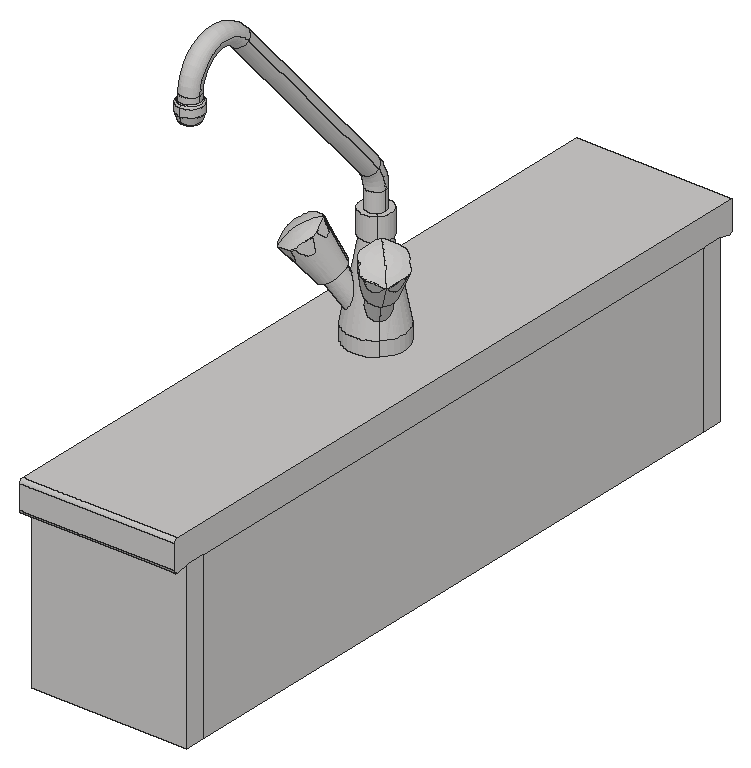
Revit family "QF_ELECTROLUXPROFESSIONAL_589148_MCEBBABOOO", category Attrezzature speciali, Revit 2020
Family settings
  Quota connettore circolare = Usa diametro
  Tipo di parte = Normale
  Basato su piano di lavoro = No
  Sempre verticale = Sì
  Taglio con vuoti quando caricato = No
  Condiviso = No
  Punto di calcolo locali = No
Parameters (values of type "Standard")
  Weight = 16.50 kg
  Watts = 0 W
  Volts = 0 V
  URL Manufacturer = "https://www.electroluxprofessional.com/"
  URL = "https://www.electroluxprofessional.com/"
  Steam Supply Size = 0"
  Steam Supply Minimum Pressure = 0.00 psi
  Steam Supply Maximum Pressure = 0.00 psi
  Steam Consumption per Hour = 0
  Refrigeration Suction Line Size = 0 mm
  Refrigeration Liquid Line Size = 0 mm
  Refrigerant Compressor Remote = yes
  Prospetto di default = 0 mm
  Phase = 0
  Modello = "MCEBBABOOO"
  Produttore = "Electrolux Professional"
  Length Actual = 200 mm  # constant formula
  Item Number = "589148"
  Hot Water Size = 0"
  Height Actual = 250 mm  # constant formula
  HP = "0 HP"
  Gas Size = 0"
  Gas KW = 0
  Gas Input Pressure = 0.0 Btu/h
  Direct Waste Size = 0"
  Descrizione = "WATER MIXING TAP,KNOBS,1S,200X900X250"
  Depth Actual = 900 mm  # constant formula
  Cycle = 0 Hz
  Condensate Return Size = 0"
  Compressed Air Volume = 0 GPM
  Compressed Air Size = 0"
  Compressed Air Pressure = 0.00 psi
  Cold Water Size = 0"
  Accessory = yes
Reference planes
  plane 1 "BACK": y = 50
  plane 2: z = 0
  plane 3 "LEFT": x = 0
  plane 4 "RIGHT": x = 200
  plane 5 "FRONT": y = -850
  plane 6 "TOP": z = 900
  plane 7 "Center (Left/Right)": x = 100
  plane 8: y = -400
  plane 9 "Base": z = 650
  plane 10 "Panel": y = -805
  plane 11: z = 1375
  plane 12: x = 78
  plane 13 "HWCWx": x = 145
  plane 14 "HWCWy": y = -473
  plane 15: z = 1285
  plane 16: y = -466.65
  plane 17: y = -479.35
Forms (mm)
  Extrusion 1, solid, material "QF_Finishes_Stainless Steel"
    sketch origin (-178.969, -4572, 650) x (-1, 0, 0) y (0, -1, 0)
      loop
        line (-178.969, -4577) -> (-178.969, -3767) -> (-378.969, -3767) -> (-378.969, -4577) -> (-178.969, -4577)
    from 0 to 212.969
  Extrusion 2, solid, material "QF_Finishes_Stainless Steel"
    sketch origin (100, 296.4, 1219.2) x (0, 1, 0) y (0, 0, 1)
      loop
        line (-246.4, -319.2) -> (-1141.4, -319.2)
        arc (-1141.4, -319.2) -> (-1144.935, -320.664) -> (-1146.4, -324.2) r 5
        line (-1146.4, -324.2) -> (-1146.4, -355.2)
        arc (-1146.4, -355.2) -> (-1144.971, -358.264) -> (-1141.705, -359.139) r 4
        line (-1141.705, -359.139) -> (-1126.4, -356.231) -> (-266.4, -356.231) -> (-251.094, -359.139)
        arc (-251.094, -359.139) -> (-247.829, -358.264) -> (-246.4, -355.2) r 4
        line (-246.4, -355.2) -> (-246.4, -319.2)
    from -100 to 100
  Extrusion 3, solid, material "QF_Finishes_Stainless Steel"
    sketch origin (-178.969, -4572, 650) x (-1, 0, 0) y (0, -1, 0)
      loop
        line (-178.969, -4577) -> (-178.969, -3767) -> (-378.969, -3767) -> (-378.969, -4577) -> (-178.969, -4577)
    from 212.969 to 0
  Extrusion 4, solid, material "QF_Finishes_Stainless Steel"
    sketch origin (100, 296.4, 1219.2) x (0, 1, 0) y (0, 0, 1)
      loop
        line (-1101.4, -569.2) -> (-1101.4, -356.231) -> (-1126.4, -356.231) -> (-1126.4, -569.2) -> (-1101.4, -569.2)
    from -100 to 100
  Extrusion 5, solid, material "QF_Finishes_Stainless Steel"
    sketch origin (-178.969, -4622, 650) x (-1, 0, 0) y (0, -1, 0)
      loop
        circle (-323.969, -4155.35) r 6.35
    from 0 to -12
  Extrusion 6, solid, material "QF_Finishes_Stainless Steel"
    sketch origin (-176.398, -4624.007, 650) x (-1, 0, 0) y (0, -1, 0)
      loop
        circle (-321.398, -4144.657) r 6.35
    from 0 to -12
  Extrusion 7, solid, material "QF_Finishes_Stainless Steel"
    sketch origin (0, 0, 0) x (0, 1, 0) y (0, 0, 1)
      loop
        line (30, 650) -> (30, 862.969) -> (5, 862.969) -> (5, 650) -> (30, 650)
    from 0 to 200
Lines and regions (mm)
  symbolic lines
    curve 1: line (0, 50, 650) -> (200, 50, 650)
    curve 2: line (0, -850, 650) -> (0, 50, 650)
    curve 3: line (200, -850, 650) -> (0, -850, 650)
    curve 4: line (200, 50, 650) -> (200, -850, 650)
Dimensions and locks
  plane 3 "LEFT" to plane 4 "RIGHT" = 200 mm
  plane 5 "FRONT" to plane 1 "BACK" = 900 mm
  equal spacing: plane 3 "LEFT", plane 7 "Center (Left/Right)", plane 4 "RIGHT"
  equal spacing: plane 5 "FRONT", plane 8, plane 1 "BACK"
  plane 6 "TOP" to level = 900 mm  (x2)
  plane 9 "Base" to level = 650 mm
  plane 6 "TOP" to plane 9 "Base" to level = 250 mm, 650 mm
  plane 1 "BACK" to plane 5 "FRONT" = 900 mm
  plane 11 to plane 6 "TOP" = 475 mm
  plane 12 to plane 3 "LEFT" = 78 mm
  plane 13 "HWCWx" to plane 4 "RIGHT" = 55 mm
  plane 14 "HWCWy" to plane 1 "BACK" = 523 mm
  plane 15 to plane 6 "TOP" = 385 mm
  plane 16 to plane 14 "HWCWy" = 6.35 mm
  plane 14 "HWCWy" to plane 17 = 6.35 mm
  locked: plane 10 "Panel" to plane 5 "FRONT" at 45
  aligned and locked: level to plane 2
  aligned and locked: nested 1 to plane 8
Automatic sketch dimensions
  Extrusion 1 sketch curve to plane 4 "RIGHT" = 0 mm
  Extrusion 1 sketch curve to plane 3 "LEFT" = 0 mm
  Extrusion 1 sketch curve to plane 10 "Panel" = 0 mm
  plane 1 "BACK" to Extrusion 1 sketch curve = 45 mm
  plane 1 "BACK" to curve 1 = 0 mm
  curve 1 to plane 4 "RIGHT" = 0 mm
  curve 3 to plane 3 "LEFT" = 0 mm
  plane 5 "FRONT" to curve 3 = 0 mm
  Extrusion 2 sketch curve to plane 5 "FRONT" = 0 mm
  Extrusion 2 sketch curve to plane 6 "TOP" = 0 mm
  Extrusion 2 sketch curve to plane 1 "BACK" = 0 mm
  Extrusion 2 sketch curve to Extrusion 2 sketch curve = 4 mm
  Extrusion 2 sketch curve to Extrusion 2 sketch curve = 0.695 mm
  Extrusion 2 sketch curve to plane 5 "FRONT" = 5 mm
  Extrusion 2 sketch curve to Extrusion 2 sketch curve = 15.305 mm
  plane 1 "BACK" to Extrusion 2 sketch curve = 20 mm
  plane 1 "BACK" to Extrusion 2 sketch curve = 4.695 mm
  plane 1 "BACK" to Extrusion 2 sketch curve = 4 mm
  Extrusion 2 sketch curve to Extrusion 2 sketch curve = 31 mm
  Extrusion 2 sketch curve to Extrusion 2 sketch curve = 36 mm
  Extrusion 2 sketch curve to Extrusion 2 sketch curve = 2.909 mm
  Extrusion 3 sketch curve to plane 4 "RIGHT" = 0 mm
  Extrusion 3 sketch curve to plane 3 "LEFT" = 0 mm
  Extrusion 3 sketch curve to plane 10 "Panel" = 0 mm
  plane 1 "BACK" to Extrusion 3 sketch curve = 45 mm
  Extrusion 5 sketch curve to plane 13 "HWCWx" = 0 mm
  Extrusion 5 sketch curve to plane 16 = 0 mm
  Extrusion 6 sketch curve to plane 13 "HWCWx" = 0 mm
  Extrusion 6 sketch curve to plane 17 = 0 mm
  Extrusion 7 sketch curve to plane 9 "Base" = 0 mm
  plane 10 "Panel" to Extrusion 7 sketch curve = 835 mm
  Extrusion 7 sketch curve to plane 5 "FRONT" = 855 mm
  Extrusion 7 sketch curve to plane 6 "TOP" = 37.031 mm
  Extrusion 4 sketch curve to plane 9 "Base" = 0 mm
  Extrusion 4 sketch curve to plane 10 "Panel" = 0 mm
  Extrusion 4 sketch curve to plane 5 "FRONT" = 20 mm
  Extrusion 4 sketch curve to plane 6 "TOP" = 37.031 mm
  radius of Extrusion 5 sketch curve = 6.35 mm
  radius of Extrusion 6 sketch curve = 6.35 mm
Nested families
  nested 1: "Rub2manop" at (100, -400, 900), type "Rub2manop"
Connectors
  piping at (145, -466.65, 638), diameter 12.7
    settings: on Extrusion 5, index 1, connector inside diameter 24", connector length 0 mm, flow factor 0, pipe flow 0 GPM, pressure drop 0.00 psi, fitting loss kfactor 0, connector angle 0.00°, fixture units 0, engagement length 0 mm, angle of deflection 0.00°, flow configuration 1, flow direction 1, fitting loss method 0, system type 19, joint type 0, gender type 0, connector reference index -1, connector utility 0, adjustable connector no, is connector primary yes, connector description "Cold Water Inlet"
  piping at (145, -479.35, 638), diameter 12.7
    settings: on Extrusion 6, index 2, connector inside diameter 24", connector length 0 mm, flow factor 0, pipe flow 0 GPM, pressure drop 0.00 psi, fitting loss kfactor 0, connector angle 0.00°, fixture units 0, engagement length 0 mm, angle of deflection 0.00°, flow configuration 1, flow direction 1, fitting loss method 0, system type 20, joint type 0, gender type 0, connector reference index -1, connector utility 0, adjustable connector no, is connector primary no, connector description "Cold Water Inlet"
Definition of nested family "Rub2manop"
  Parameters
    Default Elevation = 0 mm
  Reference planes
    plane 1 "Center (Front/Back)": y = 0
    plane 2: z = 0
    plane 3 "Center (Left/Right)": x = 0
    plane 4: through (0, -1.816, 19.983) normal (0, 0.829, 0.5592)
    plane 5: through (0, 1.816, 19.983) normal (0, 0.829, -0.5592)
    plane 6: z = 475
    plane 7: z = 385
    plane 8: y = -300
  Forms (mm)
    Revolve 1, solid
      sketch origin (0, 0, 0) x (0.707107, -0.707107, 0) y (0, 0, 1)
        loop
          line (-37.178, 0) -> (0, 0) -> (0, 152.75) -> (-20, 152.75) -> (-20, 122.711) -> (-16.973, 122.711) -> (-37.178, 18.761) -> (-37.178, 0)
        axis (0, 152.75) -> (0, 0)
      angle from 0 to 360
    Sweep 2, solid
      path origin (0, 0, 70) x (0, 1, 0) y (0, 0, 1)
        loop
          line (0, 82.75) -> (0, 107.023)
          arc (0, 107.023) -> (-2.868, 122.832) -> (-11.107, 136.626) r 45
          line (-11.107, 136.626) -> (-221.159, 377.123)
          arc (-221.159, 377.123) -> (-270.846, 389.579) -> (-300, 347.461) r 45
          line (-300, 347.461) -> (-300, 340)
      profile origin (0, 0, 164.887) x (0, -1, 0) y (1, 0, 0)
        loop
          circle (0, 0) r 12.5
    Revolve 3, solid
      sketch origin (0, 49.999, 152.116) x (0, 1, 0) y (0, 0, 1)
        loop
          line (-333.717, 244.264) -> (-333.717, 254.236)
          arc (-333.717, 254.236) -> (-334.434, 255.758) -> (-335.779, 256.77) r 3.5
          line (-335.779, 256.77) -> (-336.499, 257.884) -> (-349.999, 257.884) -> (-349.999, 233.05) -> (-339.2, 233.05)
          arc (-339.2, 233.05) -> (-338.052, 233.411) -> (-337.32, 234.365) r 2
          line (-337.32, 234.365) -> (-333.717, 244.264)
        axis (-349.999, 257.884) -> (-349.999, 233.05)
      angle from 0 to 360
    Revolve 4, solid
      sketch origin (6.565, -6.565, 13.502) x (-0.703233, 0.703233, -0.104528) y (0.073913, -0.073913, -0.994522)
        loop
          line (-12.287, -29.236) -> (-83.426, -114.015)
          arc (-83.426, -114.015) -> (-71.241, -121.894) -> (-57.494, -126.538) r 58.601
          line (-57.494, -126.538) -> (-27.071, -77.85) -> (-30.606, -74.315) -> (-1.681, -39.843) -> (-12.287, -29.236)
        axis (-12.287, -29.236) -> (-83.426, -114.015)
      angle from 0 to 360
    Extrusion 5, void
      sketch origin (-64.308, 64.308, 82.551) x (-0.707107, -0.707107, 0) y (0.586218, -0.586218, -0.559193)
        loop
          line (0, 82.664) -> (25.311, 97.277) -> (25.311, 126.504) -> (0, 141.117) -> (-25.311, 126.504) -> (-25.311, 97.277) -> (0, 82.664)
        loop
          line (-35, 73.481) -> (35, 73.481) -> (35, 150.258) -> (-35, 150.258) -> (-35, 73.481)
      from 99.488 to 151.47
    Revolve 6, solid
      sketch origin (-6.565, -6.565, 13.502) x (0.703233, 0.703233, -0.104528) y (0.073913, 0.073913, 0.994522)
        loop
          line (-12.287, 29.236) -> (-1.681, 39.843) -> (-30.606, 74.315) -> (-27.071, 77.85) -> (-57.494, 126.538)
          arc (-57.494, 126.538) -> (-71.241, 121.894) -> (-83.426, 114.015) r 58.601
          line (-83.426, 114.015) -> (-12.287, 29.236)
        axis (-12.287, 29.236) -> (-83.426, 114.015)
      angle from 0 to 360
    Extrusion 7, void
      sketch origin (64.308, 64.308, 82.551) x (0.707107, -0.707107, 0) y (0.586218, 0.586218, 0.559193)
        loop
          line (0, -82.664) -> (-25.311, -97.277) -> (-25.311, -126.504) -> (0, -141.117) -> (25.311, -126.504) -> (25.311, -97.277) -> (0, -82.664)
        loop
          line (-35, -73.481) -> (-35, -150.258) -> (35, -150.258) -> (35, -73.481) -> (-35, -73.481)
      from 99.488 to 151.47
  Cuts and joins
    Extrusion 5, Extrusion 7 cuts Revolve 4
    Extrusion 7 cuts Revolve 6
    joined: Revolve 1, Revolve 4, Revolve 6
  Lines and regions (mm)
    symbolic lines
      curve 1: arc (-12.5, -300, 0) -> (0, -312.5, 0) -> (12.5, -300, 0) r 12.5
      curve 2: arc (-12.5, -289.567, 0) -> (0, -316.282, 0) -> (12.5, -289.567, 0) r 16.282
      curve 3: line (12.5, -300, 0) -> (12.5, -35, 0)
      curve 4: line (-12.5, -300, 0) -> (-12.5, -36.463, 0)
      curve 5: arc (-12.5, -15.612, 0) -> (0, 20, 0) -> (12.5, -15.612, 0) r 20
      curve 6: arc (-35.645, -10.568, 0) -> (2.287, 37.108, 0) -> (34.078, -14.864, 0) r 37.178
      curve 7: spline (13.228, -34.745, 0) -> (13.239, -35.559, 0) -> (13.288, -36.365, 0) -> (13.374, -37.16, 0) -> (13.497, -37.944, 0) -> (13.657, -38.715, 0) -> (13.855, -39.47, 0) -> (14.088, -40.21, 0) -> (14.358, -40.932, 0) -> (14.663, -41.634, 0) -> (15.002, -42.315, 0) -> (15.376, -42.975, 0) -> (15.782, -43.611, 0)
      curve 8: spline (43.611, -15.782, 0) -> (40.794, -14.303, 0) -> (37.644, -13.445, 0) -> (34.273, -13.239, 0) -> (30.803, -13.693, 0) -> (27.359, -14.79, 0) -> (24.066, -16.49, 0) -> (21.041, -18.733, 0) -> (18.395, -21.437, 0) -> (16.223, -24.505, 0) -> (14.602, -27.827, 0) -> (13.592, -31.282, 0) -> (13.228, -34.745, 0)
      curve 9: line (13.228, -34.745, 0) -> (7.861, -29.378, 0)
      curve 10: line (34.644, -13.493, 0) -> (29.195, -8.044, 0)
      curve 11: arc (29.195, -8.044, 0) -> (15.24, -15.423, 0) -> (7.861, -29.378, 0) r 26.795
      curve 12: line (43.611, -15.782, 0) -> (63.195, -27.4, 0)
      curve 13: line (63.195, -27.4, 0) -> (78.806, -43.011, 0)
      curve 14: line (43.011, -78.806, 0) -> (27.319, -63.114, 0)
      curve 15: line (27.319, -63.114, 0) -> (15.782, -43.611, 0)
      curve 16: line (29.21, -65.005, 0) -> (28.397, -59.939, 0)
      curve 17: line (35.372, -40.158, 0) -> (40.158, -35.372, 0)
      curve 18: line (59.939, -28.397, 0) -> (65.005, -29.21, 0)
      curve 19: line (59.939, -28.397, 0) -> (40.158, -35.372, 0)
      curve 20: line (35.372, -40.158, 0) -> (28.397, -59.939, 0)
      curve 21: line (59.939, -28.397, 0) -> (53.555, -26.199, 0)
      curve 22: line (53.555, -26.199, 0) -> (47.458, -25.233, 0)
      curve 23: arc (47.458, -25.233, 0) -> (42.154, -26.754, 0) -> (39.911, -31.794, 0) r 6.527
      curve 24: line (39.911, -31.794, 0) -> (40.158, -35.372, 0)
      curve 25: line (28.397, -59.939, 0) -> (26.199, -53.555, 0)
      curve 26: line (26.199, -53.555, 0) -> (25.233, -47.458, 0)
      curve 27: arc (25.233, -47.458, 0) -> (26.754, -42.154, 0) -> (31.794, -39.911, 0) r 6.527
      curve 28: line (31.794, -39.911, 0) -> (35.372, -40.158, 0)
      curve 29: line (69.215, -71.475, 0) -> (71.475, -69.215, 0)
      curve 30: arc (78.806, -43.011, 0) -> (77.308, -56.719, 0) -> (71.475, -69.215, 0) r 42.239
      curve 31: arc (43.011, -78.806, 0) -> (56.719, -77.308, 0) -> (69.215, -71.475, 0) r 42.239
      curve 32: spline (-13.228, -34.745, 0) -> (-13.239, -35.559, 0) -> (-13.288, -36.365, 0) -> (-13.374, -37.16, 0) -> (-13.497, -37.944, 0) -> (-13.657, -38.715, 0) -> (-13.855, -39.47, 0) -> (-14.088, -40.21, 0) -> (-14.358, -40.932, 0) -> (-14.663, -41.634, 0) -> (-15.002, -42.315, 0) -> (-15.376, -42.975, 0) -> (-15.782, -43.611, 0)
      curve 33: spline (-43.611, -15.782, 0) -> (-40.794, -14.303, 0) -> (-37.644, -13.445, 0) -> (-34.273, -13.239, 0) -> (-30.803, -13.693, 0) -> (-27.359, -14.79, 0) -> (-24.066, -16.49, 0) -> (-21.041, -18.733, 0) -> (-18.395, -21.437, 0) -> (-16.223, -24.505, 0) -> (-14.602, -27.827, 0) -> (-13.592, -31.282, 0) -> (-13.228, -34.745, 0)
      curve 34: line (-13.228, -34.745, 0) -> (-7.861, -29.378, 0)
      curve 35: line (-34.386, -13.235, 0) -> (-29.195, -8.044, 0)
      curve 36: arc (-29.195, -8.044, 0) -> (-15.24, -15.423, 0) -> (-7.861, -29.378, 0) r 26.795
      curve 37: line (-43.611, -15.782, 0) -> (-63.195, -27.4, 0)
      curve 38: line (-63.195, -27.4, 0) -> (-78.806, -43.011, 0)
      curve 39: line (-43.011, -78.806, 0) -> (-27.319, -63.114, 0)
      curve 40: line (-27.319, -63.114, 0) -> (-15.782, -43.611, 0)
      curve 41: line (-29.21, -65.005, 0) -> (-28.397, -59.939, 0)
      curve 42: line (-35.372, -40.158, 0) -> (-40.158, -35.372, 0)
      curve 43: line (-59.939, -28.397, 0) -> (-65.005, -29.21, 0)
      curve 44: line (-59.939, -28.397, 0) -> (-40.158, -35.372, 0)
      curve 45: line (-35.372, -40.158, 0) -> (-28.397, -59.939, 0)
      curve 46: line (-59.939, -28.397, 0) -> (-53.555, -26.199, 0)
      curve 47: line (-53.555, -26.199, 0) -> (-47.458, -25.233, 0)
      curve 48: arc (-47.458, -25.233, 0) -> (-42.154, -26.754, 0) -> (-39.911, -31.794, 0) r 6.527
      curve 49: line (-39.911, -31.794, 0) -> (-40.158, -35.372, 0)
      curve 50: line (-28.397, -59.939, 0) -> (-26.199, -53.555, 0)
      curve 51: line (-26.199, -53.555, 0) -> (-25.233, -47.458, 0)
      curve 52: arc (-25.233, -47.458, 0) -> (-26.754, -42.154, 0) -> (-31.794, -39.911, 0) r 6.527
      curve 53: line (-31.794, -39.911, 0) -> (-35.372, -40.158, 0)
      curve 54: line (-69.215, -71.475, 0) -> (-71.475, -69.215, 0)
      curve 55: arc (-78.806, -43.011, 0) -> (-77.308, -56.719, 0) -> (-71.475, -69.215, 0) r 42.239
      curve 56: arc (-43.011, -78.806, 0) -> (-56.719, -77.308, 0) -> (-69.215, -71.475, 0) r 42.239
      curve 57: spline (12.5, -221.159, 0) -> (12.074, -218.727, 0) -> (10.825, -216.459, 0) -> (8.839, -214.513, 0) -> (6.25, -213.019, 0) -> (3.235, -212.08, 0) -> (0, -211.759, 0) -> (-3.235, -212.08, 0) -> (-6.25, -213.019, 0) -> (-8.839, -214.513, 0) -> (-10.825, -216.459, 0) -> (-12.074, -218.727, 0) -> (-12.5, -221.159, 0)
      curve 58: arc (-12.5, 0, 0) -> (0, 12.5, 0) -> (12.5, 0, 0) r 12.5
      curve 59: arc (-12.001, -12.001, 0) -> (0, 16.973, 0) -> (12.001, -12.001, 0) r 16.973
      curve 60: line (-12.5, -18.633, 0) -> (-12.5, 0, 0)
      curve 61: line (12.5, -18.633, 0) -> (12.5, 0, 0)
  Dimensions and locks
    plane 7 to level = 385 mm
    plane 6 to level = 475 mm
    plane 1 "Center (Front/Back)" to plane 8 = 300 mm
    aligned and locked: level to plane 2
